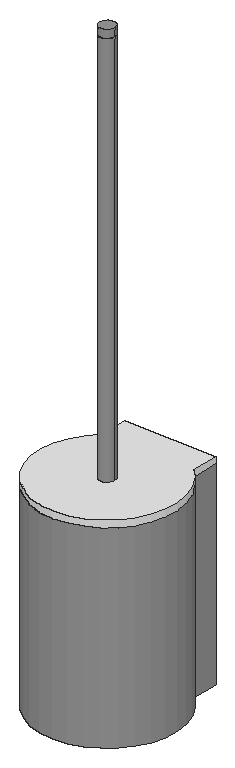
Revit family "KEUCO_14972010100", category Möbel, Revit 2016
Family settings
  Arbeitsebenenbasiert = Nein
  Immer vertikal = Ja
  Beim Laden mit Abzugskörper schneiden = Nein
  Gemeinsam genutzt = Nein
  Raumberechnungspunkt = Nein
Parameters (values of type "14972070100")
  Verwendung = "GWC / WC"  # constant formula
  URL = "https://www.keuco.com/de/produkte/sortiment/artikel/?pid=14972&oid=3&pgo=18&country=de&lang=de&vid=14972070100"
  Serie = "Plan"  # constant formula
  Preisgruppe = "1"  # constant formula
  Materialien bei Hersteller anfragen = "Anfrage zu:  objektmanagement@keuco.de"
  Kategorie = "ACC"  # constant formula
  Hersteller = "KEUCO"  # constant formula
  Gewicht = 0.628  # constant formula
  Beschreibung = "komplett mit Kunststoff-Einsatz schwarz,\r\nBürste mit Griff und Ersatzbürstenkopf schwarz"
  Material Abdeckung = Kunstoff-Einsatz weiß
  Material Bürste = Verchromt
  Ausschreibungstext = "KEUCO PLAN Toilettenbürstengarnitur 14972070100\r\nToilettenbürstengarnitur aus hochwertigem Edelstahl \r\nin ästhetischem, funktionalem Design, Wandmodell\r\nkomplett mit Kunststoff-Einsatz schwarz,\r\nsowie Bürste mit Griff und Ersatzbürstenkopf schwarz\r\nherausnehmbarer Kunststoff-Einsatz schwarz für leichtes Reinigen\r\nHöhe 135 mm (Höhe inklusive Bürste 399 mm).\r\nDurchmesser 90 mm, Ausladung 95 mm\r\nDie Toilettenbürstengarnitur wird verdeckt angebracht\r\nLieferung inkl. korrosionsfreiem Befestigungsmaterial"
  Artikelnummer = "14972070100"
Types (4, lengths in mm): name | URL | Materialien bei Hersteller anfragen | Beschreibung | Material Abdeckung | Material Bürste | Ausschreibungstext | Artikelnummer
  (no name) | "https://www.keuco.com" | "Request to:  objektmanagement@keuco.de" | "komplett mit Kunststoff-Einsatz weiß,\r\nBürste mit Griff und Ersatzbürstenkopf weiß" | Kunstoff-Einsatz Schwarz | Aluminium silber-eloxiert (E6 EV1) | "KEUCO PLAN Toilettenbürstengarnitur 14972070100\r\nToilettenbürstengarnitur aus hochwertigem Edelstahl \r\nin ästhetischem, funktionalem Design, Wandmodell\r\nkomplett mit Kunststoff-Einsatz schwarz,\r\nsowie Bürste mit Griff und Ersatzbürstenkopf schwarz\r\nherausnehmbarer Kunststoff-Einsatz schwarz für leichtes Reinigen\r\nHöhe 135 mm (Höhe inklusive Bürste 399 mm).\r\nDurchmesser 90 mm, Ausladung 95 mm\r\nDie Toilettenbürstengarnitur wird verdeckt angebracht\r\nLieferung inkl. korrosionsfreiem Befestigungsmaterial" | "14972070100"
  14972070100 | "https://www.keuco.com/de/produkte/sortiment/artikel/?pid=14972&oid=3&pgo=18&country=de&lang=de&vid=14972070100" | "Anfrage zu:  objektmanagement@keuco.de" | "komplett mit Kunststoff-Einsatz schwarz,\r\nBürste mit Griff und Ersatzbürstenkopf schwarz" | Kunstoff-Einsatz weiß | Verchromt | "KEUCO PLAN Toilettenbürstengarnitur 14972070100\r\nToilettenbürstengarnitur aus hochwertigem Edelstahl \r\nin ästhetischem, funktionalem Design, Wandmodell\r\nkomplett mit Kunststoff-Einsatz schwarz,\r\nsowie Bürste mit Griff und Ersatzbürstenkopf schwarz\r\nherausnehmbarer Kunststoff-Einsatz schwarz für leichtes Reinigen\r\nHöhe 135 mm (Höhe inklusive Bürste 399 mm).\r\nDurchmesser 90 mm, Ausladung 95 mm\r\nDie Toilettenbürstengarnitur wird verdeckt angebracht\r\nLieferung inkl. korrosionsfreiem Befestigungsmaterial" | "14972070100"
  14972010100 | "https://www.keuco.com/de/produkte/sortiment/artikel/?pid=14972&oid=2&pgo=18&country=de&lang=de&vid=14972010100" | "Request to:  objektmanagement@keuco.de" | "komplett mit Kunststoff-Einsatz weiß,\r\nBürste mit Griff und Ersatzbürstenkopf weiß" | Kunstoff-Einsatz weiß | Verchromt | "KEUCO PLAN Toilettenbürstengarnitur 14972010100\r\nHochglanzverchromte Toilettenbürstengarnitur \r\nin ästhetischem, funktionalem Design, Wandmodell, \r\nkomplett mit Kunststoff-Einsatz weiß \r\nsowie Bürste mit Griff und Ersatzbürstenkopf weiß\r\nherausnehmbarer Kunststoffeinsatz für leichtes Reinigen\r\nHöhe 135 mm (Höhe inklusive Bürste 399 mm), \r\nDurchmesser 90 mm, Ausladung 95 mm\r\nDie Toilettenbürstengarnitur wird verdeckt angebracht\r\nLieferung inkl. korrosionsfreiem Befestigungsmaterial" | "14972010100"
  14972070200 | "https://www.keuco.com" | "Request to:  objektmanagement@keuco.de" | "komplett mit Kunststoff-Einsatz schwarz,\r\nBürste mit Griff und Ersatzbürstenkopf schwarz" | Kunstoff-Einsatz Schwarz | Aluminium silber-eloxiert (E6 EV1) | "KEUCO PLAN Toilettenbürstengarnitur 14972010200\r\nHochglanzverchromte Toilettenbürstengarnitur \r\nin ästhetischem, funktionalem Design, Wandmodell\r\nkomplett mit Kunststoff-Einsatz schwarz, \r\nsowie Bürste mit Griff und Ersatzbürstenkopf schwarz\r\nherausnehmbarer Kunststoffeinsatz für leichtes Reinigen\r\nHöhe 135 mm (Höhe inklusive Bürste 399 mm).\r\nDurchmesser 90 mm, Ausladung 95 mm\r\nDie Toilettenbürstengarnitur wird verdeckt angebracht\r\nLieferung inkl. korrosionsfreiem Befestigungsmaterial" | "14972070200"
Reference planes
  plane 1 "Center (Front/Back)": y = 0
  plane 2: z = 0
  plane 3 "Center (Left/Right)": x = 0
Forms (mm)
  Extrusion 1, solid, material "Verchromt" <- "Material Bürste"
    sketch origin (0, 0, 0) x (1, 0, 0) y (0, 1, 0)
      loop
        arc (-29.943, -17.945) -> (0, -96.537) -> (29.943, -17.945) r 45
        line (29.943, -17.945) -> (29.943, 0) -> (-29.943, 0) -> (-29.943, -17.945)
    from 0 to 129.827
  Extrusion 2, solid, material "Kunstoff-Einsatz weiß" <- "Material Abdeckung", detail levels medium+fine
    sketch origin (0, 0, 0) x (1, 0, 0) y (0, 1, 0)
      loop
        arc (-29.943, -17.945) -> (0, -96.537) -> (29.943, -17.945) r 45
        line (29.943, -17.945) -> (29.943, 0) -> (-29.943, 0) -> (-29.943, -17.945)
    from 129.827 to 134.391
  Extrusion 3, solid, material "Verchromt" <- "Material Bürste", detail levels medium+fine
    sketch origin (0, 0, 0) x (1, 0, 0) y (0, 1, 0)
      loop
        circle (0, -51.537) r 5
    from 134.391 to 395.035
  Extrusion 4, solid, material "Verchromt" <- "Material Bürste", detail levels medium+fine
    sketch origin (0, 0, 0) x (1, 0, 0) y (0, 1, 0)
      loop
        circle (0, -51.537) r 5
    from 395.721 to 400.445
Lines and regions (mm)
  symbolic lines
    curve 1: line (-29.943, 0, 0) -> (-29.943, -17.945, 0)
    curve 2: arc (-29.943, -17.945, 0) -> (0, -96.537, 0) -> (29.943, -17.945, 0) r 45
    curve 3: line (29.943, -17.945, 0) -> (29.943, 0, 0)
    curve 4: line (29.943, 0, 0) -> (-29.943, 0, 0)
  symbolic lines, detail levels fine
    curve 5: circle (0, -51.537, 0) r 5 normal (0, 0, 1)
Dimensions and locks
  Extrusion 1 to level = 129.827 mm
  locked: Extrusion 2 to Extrusion 2 at 4.563
  locked: Extrusion 2 to plane 2 at 134.391
  locked: Extrusion 3 to level at 395.035
  locked: Extrusion 4 to Extrusion 3 at 5.411
  aligned and locked: level to plane 2
  aligned and locked: Extrusion 2 to Extrusion 1
  aligned and locked: Extrusion 3 to Extrusion 2
